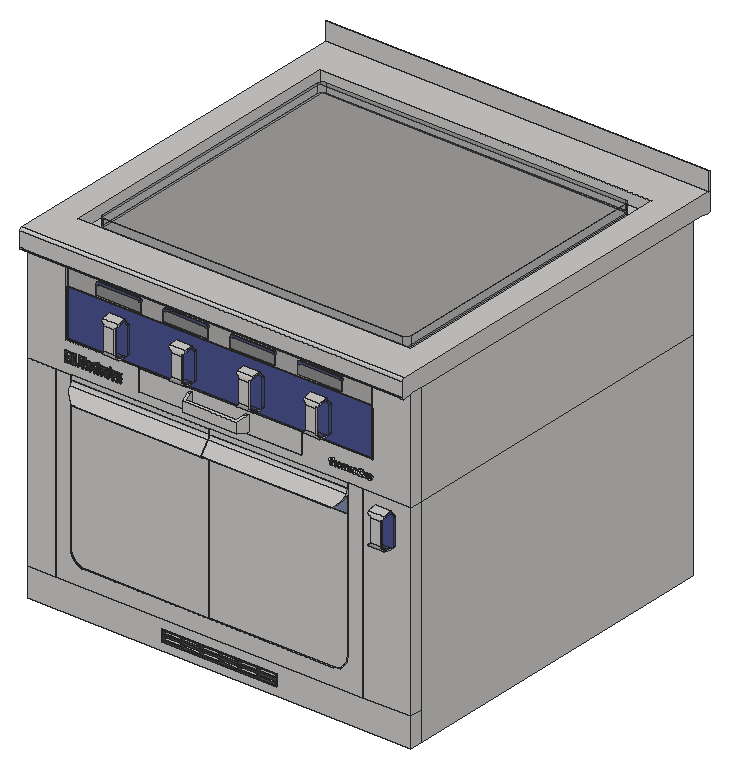
Revit family "QF_ELECTROLUXPROFESSIONAL_588461_MALQEBH4AO", category Attrezzature speciali, Revit 2020
Family settings
  Quota connettore circolare = Usa diametro
  Tipo di parte = Normale
  Basato su piano di lavoro = No
  Sempre verticale = Sì
  Taglio con vuoti quando caricato = No
  Condiviso = No
  Punto di calcolo locali = No
Parameters (values of type "Standard")
  Weight = 143.00 kg
  Watts = 14300 W
  Volts = 400 V
  URL Manufacturer = "https://www.electroluxprofessional.com/"
  URL = "https://www.electroluxprofessional.com/"
  Steam Supply Size = 0"
  Steam Supply Minimum Pressure = 0.00 psi
  Steam Supply Maximum Pressure = 0.00 psi
  Steam Consumption per Hour = 0
  Refrigeration Suction Line Size = 0 mm
  Refrigeration Liquid Line Size = 0 mm
  Refrigerant Compressor Remote = yes
  Prospetto di default = 0 mm
  Phase = 3
  Modello = "MALQEBH4AO"
  Produttore = "Electrolux Professional"
  Length Actual = 800 mm  # constant formula
  Item Number = "588461"
  Hot Water Size = 0"
  Height Actual = 700 mm  # constant formula
  HP = "19.2 HP"
  Gas Size = 0"
  Gas KW = 0
  Gas Input Pressure = 0.0 Btu/h
  Direct Waste Size = 0"
  Descrizione = "EL.SOLID T,ECO,WARM.CAB.1S,BS,800X800X7"
  Depth Actual = 800 mm  # constant formula
  Cycle = 50 Hz
  Condensate Return Size = 0"
  Compressed Air Volume = 0 GPM
  Compressed Air Size = 0"
  Compressed Air Pressure = 0.00 psi
  Cold Water Size = 0"
  Accessory = yes
Reference planes
  plane 1 "BACK": y = 0
  plane 2: z = 0
  plane 3 "LEFT": x = 0
  plane 4 "RIGHT": x = 800
  plane 5 "FRONT": y = -800
  plane 6 "TOP": z = 900
  plane 7 "Center (Left/Right)": x = 400
  plane 8: y = -400
  plane 9: z = 200
  plane 10: y = -150
  plane 11 "Panel": y = -755
  plane 12: z = 798
  plane 13: z = 1327
  plane 14: x = 78
  plane 15: x = 722
  plane 16: y = -150
  plane 17: y = -650
  plane 18 "EIx": x = 755
  plane 19 "EIy": y = -585
  plane 20: x = 380
  plane 21 "BASE_TOP": z = 650
  plane 22: x = 60
  plane 23: x = 700
  plane 24: z = 260
  plane 25: z = 938
Forms (mm)
  Extrusion 1, solid, material "QF_Finishes_Stainless Steel"
    sketch origin (-178.969, -4571, 200) x (-1, 0, 0) y (0, -1, 0)
      loop
        line (-178.969, -4526) -> (-178.969, -3816) -> (-978.969, -3816) -> (-978.969, -4526) -> (-178.969, -4526)
    from 450 to 663
  Extrusion 2, solid, material "QF_Finishes_Stainless Steel"
    sketch origin (0, 0, 0) x (0, 1, 0) y (0, 0, 1)
      loop
        line (-755, 200) -> (-755, 260) -> (-780, 260) -> (-780, 200) -> (-755, 200)
    from 0 to 800
  Extrusion 3, solid, material "QF_Finishes_Stainless Steel"
    sketch origin (-588.969, -4562, 200) x (-1, 0, 0) y (0, -1, 0)
      loop
        circle (-1343.969, -3977) r 6.35
    from 0 to -11.851
  Extrusion 4, solid, material "QF_Finishes_Stainless Steel"
    sketch origin (400, 296.4, 1219.2) x (0, 1, 0) y (0, 0, 1)
      loop
        line (-296.4, -319.2) -> (-1091.4, -319.2)
        arc (-1091.4, -319.2) -> (-1094.935, -320.664) -> (-1096.4, -324.2) r 5
        line (-1096.4, -324.2) -> (-1096.4, -355.2)
        arc (-1096.4, -355.2) -> (-1094.971, -358.264) -> (-1091.705, -359.139) r 4
        line (-1091.705, -359.139) -> (-1076.4, -356.231) -> (-316.4, -356.231) -> (-301.094, -359.139)
        arc (-301.094, -359.139) -> (-297.829, -358.264) -> (-296.4, -355.2) r 4
        line (-296.4, -355.2) -> (-296.4, -319.2)
    from -400 to 400
  Extrusion 5, solid, material "QF_Finishes_Electrolux_Black Smoke Iluminated"
    sketch origin (0, 0, 900) x (-1, 0, 0) y (0, -1, 0)
      loop
        arc (-88, 109) -> (-80.929, 111.929) -> (-78, 119) r 10
        line (-78, 119) -> (-78, 680)
        arc (-78, 680) -> (-80.929, 687.071) -> (-88, 690) r 10
        line (-88, 690) -> (-712, 690)
        arc (-712, 690) -> (-719.071, 687.071) -> (-722, 680) r 10
        line (-722, 680) -> (-722, 119)
        arc (-722, 119) -> (-719.071, 111.929) -> (-712, 109) r 10
        line (-712, 109) -> (-88, 109)
    from 0 to -20
  Extrusion 6, solid, material "QF_Finishes_Stainless Steel"
    sketch origin (-178.969, -4571, 200) x (-1, 0, 0) y (0, -1, 0)
      loop
        line (-178.969, -4526) -> (-178.969, -3816) -> (-978.969, -3816) -> (-978.969, -4526) -> (-178.969, -4526)
    from 450 to 0
  Extrusion 7, void
    sketch origin (0, -755, 0) x (-1, 0, 0) y (0, 0, 1)
      loop
        line (-520, 216.594) -> (-280, 216.594) -> (-280, 241.594) -> (-520, 241.594) -> (-520, 216.594)
    from 0 to -25
  Extrusion 8, solid, material "QF_Finishes_Black"
    sketch origin (0, -755, 0) x (-1, 0, 0) y (0, 0, 1)
      loop
        line (-280, 241.594) -> (-520, 241.594) -> (-520, 216.594) -> (-280, 216.594) -> (-280, 241.594)
      loop
        line (-282, 239.594) -> (-319.131, 239.594) -> (-319.131, 230.094) -> (-282, 230.094) -> (-282, 239.594)
      loop
        line (-282, 218.594) -> (-282, 228.094) -> (-319.131, 228.094) -> (-319.131, 218.594) -> (-282, 218.594)
      loop
        line (-321.131, 239.594) -> (-359.066, 239.594) -> (-359.066, 230.094) -> (-321.131, 230.094) -> (-321.131, 239.594)
      loop
        line (-399, 239.594) -> (-399, 230.094) -> (-361.066, 230.094) -> (-361.066, 239.594) -> (-399, 239.594)
      loop
        line (-401, 239.594) -> (-438.934, 239.594) -> (-438.934, 230.094) -> (-401, 230.094) -> (-401, 239.594)
      loop
        line (-359.066, 218.594) -> (-321.131, 218.594) -> (-321.131, 228.094) -> (-359.066, 228.094) -> (-359.066, 218.594)
      loop
        line (-361.066, 218.594) -> (-361.066, 228.094) -> (-399, 228.094) -> (-399, 218.594) -> (-361.066, 218.594)
      loop
        line (-401, 228.094) -> (-438.934, 228.094) -> (-438.934, 218.594) -> (-401, 218.594) -> (-401, 228.094)
      loop
        line (-518, 239.594) -> (-518, 230.094) -> (-480.869, 230.094) -> (-480.869, 239.594) -> (-518, 239.594)
      loop
        line (-518, 218.594) -> (-480.869, 218.594) -> (-480.869, 228.094) -> (-518, 228.094) -> (-518, 218.594)
      loop
        line (-478.869, 239.594) -> (-478.869, 230.094) -> (-440.934, 230.094) -> (-440.934, 239.594) -> (-478.869, 239.594)
      loop
        line (-440.934, 218.594) -> (-440.934, 228.094) -> (-478.869, 228.094) -> (-478.869, 218.594) -> (-440.934, 218.594)
    from -25.03 to -20
  Extrusion 9, void
    sketch origin (0, 0, 900) x (-1, 0, 0) y (0, -1, 0)
      loop
        line (-53, 715) -> (-747, 715) -> (-747, 84) -> (-53, 84) -> (-53, 715)
    from 0 to -25
  Extrusion 10, solid, material "QF_Finishes_Stainless Steel"
    sketch origin (0, 0, 900) x (-1, 0, 0) y (0, -1, 0)
      loop
        line (-82, 113) -> (-82, 686) -> (-718, 686) -> (-718, 113) -> (-82, 113)
    from -20 to -25
  Extrusion 11, solid, material "QF_Finishes_Stainless Steel"
    sketch origin (0, -755, 0) x (-1, 0, 0) y (0, 0, 1)
      loop
        line (0, 260) -> (0, 650) -> (-60, 650) -> (-60, 260) -> (0, 260)
    from 0 to -25.03
  Extrusion 12, solid, material "QF_Finishes_Stainless Steel"
    sketch origin (0, -755, 0) x (-1, 0, 0) y (0, 0, 1)
      loop
        line (-700, 260) -> (-700, 650) -> (-800, 650) -> (-800, 260) -> (-700, 260)
    from 0 to -25.03
  Extrusion 13, solid, material "QF_Finishes_Stainless Steel"
    sketch origin (70, -755, 0) x (-1, 0, 0) y (0, 0, 1)
      loop
        line (10, 260) -> (10, 650) -> (-20, 650) -> (-20, 325)
        arc (-20, 325) -> (-28.787, 303.787) -> (-50, 295) r 30
        line (-50, 295) -> (-570, 295)
        arc (-570, 295) -> (-591.213, 303.787) -> (-600, 325) r 30
        line (-600, 325) -> (-600, 650) -> (-630, 650) -> (-630, 260) -> (10, 260)
    from 0 to -25.03
  Extrusion 14, solid, material "QF_Finishes_Stainless Steel"
    sketch origin (400, 296.4, 1219.2) x (0, 1, 0) y (0, 0, 1)
      loop
        line (-296.4, -281.2) -> (-298.4, -281.2) -> (-298.4, -319.2) -> (-296.4, -319.2) -> (-296.4, -281.2)
    from -400 to 400
Cuts and joins
  Extrusion 7 cuts Extrusion 6
  Extrusion 7 cuts Extrusion 2
  Extrusion 9 cuts Extrusion 4
Lines and regions (mm)
  symbolic lines
    curve 1: line (0, 0, 200) -> (800, 0, 200)
    curve 2: line (0, -800, 200) -> (0, 0, 200)
    curve 3: line (800, -800, 200) -> (0, -800, 200)
    curve 4: line (800, 0, 200) -> (800, -800, 200)
    curve 5: line (712, -109, 200) -> (88, -109, 200)
    curve 6: line (78, -119, 200) -> (78, -680, 200)
    curve 7: line (88, -690, 200) -> (712, -690, 200)
    curve 8: line (722, -680, 200) -> (722, -119, 200)
    curve 9: arc (88, -109, 200) -> (80.929, -111.929, 200) -> (78, -119, 200) r 10
    curve 10: arc (722, -119, 200) -> (719.071, -111.929, 200) -> (712, -109, 200) r 10
    curve 11: arc (712, -690, 200) -> (719.071, -687.071, 200) -> (722, -680, 200) r 10
    curve 12: arc (78, -680, 200) -> (80.929, -687.071, 200) -> (88, -690, 200) r 10
    curve 13: line (747, -84, 900) -> (53, -84, 900)
    curve 14: line (53, -84, 900) -> (53, -715, 900)
    curve 15: line (747, -715, 900) -> (747, -84, 900)
    curve 16: line (53, -715, 900) -> (747, -715, 900)
    curve 33: line (0, -2, 900) -> (800, -2, 900)
  model lines, style "SpecialityEquipment"
    curve 17: arc (584, -161, 900) -> (530.967, -289.033, 900) -> (659, -236, 900) r 75
    curve 18: line (639, -236, 900) -> (679, -236, 900)
    curve 19: line (679, -236, 900) -> (659, -216, 900)
    curve 20: line (639, -236, 900) -> (659, -216, 900)
    curve 21: arc (216, -161, 900) -> (162.967, -289.033, 900) -> (291, -236, 900) r 75
    curve 22: line (271, -236, 900) -> (311, -236, 900)
    curve 23: line (311, -236, 900) -> (291, -216, 900)
    curve 24: line (271, -236, 900) -> (291, -216, 900)
    curve 25: arc (584, -489, 900) -> (530.967, -617.033, 900) -> (659, -564, 900) r 75
    curve 26: line (639, -564, 900) -> (679, -564, 900)
    curve 27: line (679, -564, 900) -> (659, -544, 900)
    curve 28: line (639, -564, 900) -> (659, -544, 900)
    curve 29: arc (216, -489, 900) -> (162.967, -617.033, 900) -> (291, -564, 900) r 75
    curve 30: line (271, -564, 900) -> (311, -564, 900)
    curve 31: line (311, -564, 900) -> (291, -544, 900)
    curve 32: line (271, -564, 900) -> (291, -544, 900)
Dimensions and locks
  plane 3 "LEFT" to plane 4 "RIGHT" = 800 mm
  plane 5 "FRONT" to plane 1 "BACK" = 800 mm
  equal spacing: plane 3 "LEFT", plane 7 "Center (Left/Right)", plane 4 "RIGHT"
  equal spacing: plane 5 "FRONT", plane 8, plane 1 "BACK"
  plane 9 to level = 200 mm
  plane 1 "BACK" to plane 10 to plane 11 "Panel" = 150 mm, 605 mm  (x2)
  plane 6 "TOP" to plane 9 to level = 700 mm, 200 mm
  plane 6 "TOP" to level = 900 mm
  plane 1 "BACK" to plane 5 "FRONT" = 800 mm
  plane 1 "BACK" to Extrusion 3 = 585 mm
  plane 12 to plane 9 = 598 mm
  plane 13 to plane 6 "TOP" = 427 mm
  plane 6 "TOP" to plane 12 = 102 mm
  plane 14 to plane 3 "LEFT" = 78 mm
  plane 15 to plane 4 "RIGHT" = 78 mm
  locked: plane 1 "BACK" to plane 16 at 150
  locked: plane 16 to plane 17 at 500
  plane 11 "Panel" to plane 5 "FRONT" = 45 mm
  plane 18 "EIx" to plane 4 "RIGHT" = 45 mm
  plane 19 "EIy" to plane 1 "BACK" = 585 mm
  plane 7 "Center (Left/Right)" to plane 20 = 20 mm
  locked: plane 22 to plane 3 "LEFT" at 60
  plane 23 to plane 4 "RIGHT" = 100 mm
  plane 6 "TOP" to plane 21 "BASE_TOP" to plane 9 to level = 250 mm, 450 mm, 200 mm
  plane 1 "BACK" to Extrusion 14 sketch curve = 2 mm
  plane 25 to plane 6 "TOP" = 38 mm
  aligned and locked: level to plane 2
  aligned and locked: Extrusion 2 to plane 4 "RIGHT"
  aligned and locked: Extrusion 12 to plane 4 "RIGHT"
  aligned and locked: Extrusion 12 to plane 23
  aligned and locked: plane 21 "BASE_TOP" to Extrusion 12
  aligned and locked: Extrusion 12 to plane 24
  aligned and locked: Extrusion 11 to plane 3 "LEFT"
  aligned and locked: plane 22 to Extrusion 11
  aligned and locked: Extrusion 11 to plane 24
  aligned and locked: Extrusion 13 sketch curve to plane 22
  aligned and locked: Extrusion 13 sketch curve to plane 23
  aligned and locked: Extrusion 13 sketch curve to plane 21 "BASE_TOP"
  aligned and locked: plane 6 "TOP" to Extrusion 14 sketch curve
  aligned and locked: Extrusion 14 sketch curve to plane 25
  aligned and locked: Extrusion 14 to plane 3 "LEFT"
  aligned and locked: Extrusion 14 to plane 4 "RIGHT"
  aligned and locked: plane 24 to cut or joined group of Extrusion 2, Extrusion 7
Automatic sketch dimensions
  Extrusion 1 sketch curve to plane 4 "RIGHT" = 0 mm
  Extrusion 1 sketch curve to plane 3 "LEFT" = 0 mm
  plane 11 "Panel" to Extrusion 1 sketch curve = 0 mm
  plane 1 "BACK" to Extrusion 1 sketch curve = 45 mm
  Extrusion 2 sketch curve to plane 9 = 0 mm
  Extrusion 2 sketch curve to plane 11 "Panel" = 0 mm
  plane 24 to Extrusion 2 sketch curve = 0 mm
  Extrusion 2 sketch curve to plane 5 "FRONT" = 20 mm
  plane 1 "BACK" to curve 1 = 0 mm
  curve 1 to plane 4 "RIGHT" = 0 mm
  curve 8 to plane 15 = 0 mm
  curve 6 to plane 14 = 0 mm
  curve 2 to plane 3 "LEFT" = 0 mm
  plane 5 "FRONT" to curve 3 = 0 mm
  plane 15 to curve 5 = 10 mm
  curve 11 to curve 11 = 10 mm
  curve 5 to plane 14 = 10 mm
  curve 12 to curve 6 = 10 mm
  plane 10 to curve 5 = 41 mm
  plane 17 to curve 11 = 30 mm
  Extrusion 3 sketch curve to plane 18 "EIx" = 0 mm
  Extrusion 3 sketch curve to plane 19 "EIy" = 0 mm
  Extrusion 4 sketch curve to plane 5 "FRONT" = 0 mm
  Extrusion 4 sketch curve to plane 6 "TOP" = 0 mm
  Extrusion 4 sketch curve to plane 1 "BACK" = 0 mm
  Extrusion 4 sketch curve to plane 5 "FRONT" = 4 mm
  Extrusion 4 sketch curve to Extrusion 4 sketch curve = 0.695 mm
  Extrusion 4 sketch curve to plane 5 "FRONT" = 5 mm
  Extrusion 4 sketch curve to Extrusion 4 sketch curve = 15.305 mm
  plane 1 "BACK" to Extrusion 4 sketch curve = 20 mm
  plane 1 "BACK" to Extrusion 4 sketch curve = 4.695 mm
  Extrusion 4 sketch curve to Extrusion 4 sketch curve = 4 mm
  Extrusion 4 sketch curve to Extrusion 4 sketch curve = 31 mm
  Extrusion 4 sketch curve to plane 6 "TOP" = 36 mm
  Extrusion 4 sketch curve to Extrusion 4 sketch curve = 2.909 mm
  Extrusion 5 sketch curve to plane 15 = 0 mm
  Extrusion 5 sketch curve to plane 14 = 0 mm
  plane 15 to Extrusion 5 sketch curve = 10 mm  (x2)
  Extrusion 5 sketch curve to Extrusion 5 sketch curve = 10 mm  (x2)
  plane 10 to Extrusion 5 sketch curve = 41 mm
  plane 17 to Extrusion 5 sketch curve = 30 mm
  Extrusion 6 sketch curve to plane 4 "RIGHT" = 0 mm
  Extrusion 6 sketch curve to plane 3 "LEFT" = 0 mm
  plane 11 "Panel" to Extrusion 6 sketch curve = 0 mm
  plane 1 "BACK" to Extrusion 6 sketch curve = 45 mm
  plane 9 to Extrusion 7 sketch curve = 41.594 mm
  plane 7 "Center (Left/Right)" to Extrusion 7 sketch curve = 120 mm
  Extrusion 7 sketch curve to plane 20 = 100 mm
  plane 9 to Extrusion 7 sketch curve = 16.594 mm
  plane 9 to Extrusion 8 sketch curve = 41.594 mm
  plane 7 "Center (Left/Right)" to Extrusion 8 sketch curve = 120 mm
  Extrusion 8 sketch curve to Extrusion 8 sketch curve = 2 mm  (x16)
  Extrusion 8 sketch curve to Extrusion 8 sketch curve = 0 mm  (x15)
  Extrusion 8 sketch curve to Extrusion 8 sketch curve = 37.131 mm  (x2)
  Extrusion 8 sketch curve to Extrusion 8 sketch curve = 37.934 mm  (x2)
  plane 7 "Center (Left/Right)" to Extrusion 8 sketch curve = 1 mm  (x2)
  Extrusion 8 sketch curve to plane 7 "Center (Left/Right)" = 1 mm  (x2)
  Extrusion 8 sketch curve to plane 20 = 18.934 mm
  plane 9 to Extrusion 8 sketch curve = 18.594 mm  (x4)
  Extrusion 8 sketch curve to Extrusion 8 sketch curve = 9.5 mm  (x6)
  plane 18 "EIx" to Extrusion 9 sketch curve = 8 mm
  Extrusion 9 sketch curve to plane 22 = 7 mm
  plane 10 to Extrusion 9 sketch curve = 66 mm
  plane 11 "Panel" to Extrusion 9 sketch curve = 40 mm
  plane 15 to Extrusion 10 sketch curve = 4 mm
  Extrusion 10 sketch curve to plane 14 = 4 mm
  plane 10 to Extrusion 10 sketch curve = 37 mm
  plane 17 to Extrusion 10 sketch curve = 36 mm
  plane 18 "EIx" to curve 16 = 8 mm
  curve 19 to plane 23 = 21 mm
  curve 27 to plane 23 = 21 mm
  curve 26 to curve 27 = 20 mm
  curve 18 to curve 20 = 20 mm
  curve 19 to curve 20 = 20 mm
  curve 27 to curve 26 = 20 mm
  curve 18 to curve 17 = 55 mm
  curve 26 to curve 25 = 55 mm
  curve 31 to plane 20 = 69 mm
  curve 23 to plane 20 = 69 mm
  curve 22 to curve 24 = 20 mm
  curve 30 to curve 31 = 20 mm
  curve 31 to curve 32 = 20 mm
  curve 23 to curve 24 = 20 mm
  curve 22 to curve 21 = 55 mm
  curve 30 to curve 29 = 55 mm
  curve 14 to plane 22 = 7 mm
  curve 22 to plane 10 = 86 mm
  curve 18 to plane 10 = 86 mm
  plane 10 to curve 13 = 66 mm
  plane 11 "Panel" to curve 15 = 40 mm
  curve 25 to curve 26 = 20 mm
  curve 17 to curve 18 = 20 mm
  curve 29 to curve 30 = 20 mm
  curve 21 to curve 22 = 20 mm
  Extrusion 11 sketch curve to plane 22 = 0 mm
  Extrusion 11 sketch curve to plane 3 "LEFT" = 0 mm
  Extrusion 11 sketch curve to plane 24 = 0 mm
  Extrusion 11 sketch curve to plane 21 "BASE_TOP" = 0 mm
  plane 4 "RIGHT" to Extrusion 12 sketch curve = 0 mm
  Extrusion 12 sketch curve to plane 21 "BASE_TOP" = 0 mm
  Extrusion 12 sketch curve to plane 23 = 0 mm
  Extrusion 12 sketch curve to plane 24 = 0 mm
  Extrusion 13 sketch curve to plane 21 "BASE_TOP" = 0 mm
  Extrusion 13 sketch curve to plane 24 = 0 mm
  Extrusion 13 sketch curve to plane 23 = 30 mm
  Extrusion 13 sketch curve to Extrusion 13 sketch curve = 30 mm
  Extrusion 13 sketch curve to plane 14 = 42 mm
  Extrusion 13 sketch curve to plane 14 = 12 mm
  plane 24 to Extrusion 13 sketch curve = 35 mm
  Extrusion 14 sketch curve to plane 1 "BACK" = 0 mm
  plane 19 "EIy" to curve 31 = 21 mm
  plane 19 "EIy" to curve 27 = 41 mm
  radius of Extrusion 3 sketch curve = 6.35 mm
Nested families
  nested 1: "FIT Range Control Handle" at (745, -783.167, -372.751), type "FIT Range Control Handle"
  nested 2: "Front_Panel_W800_Four Knobs" at (202.376, -755, 0), type "Front_Panel_W800_Four Knobs"
  nested 3: "H450H2_2DOOR" at (343.958, -755, 200) x (1, 0, 0) z (0, -1, 0), type "H450H2_2DOOR"
    with Width 580 mm, Wdoor 290 mm, Show Clearance yes
  nested 4: "Warm" at (800, -800, 900), type "Warm"
Connectors
  electrical at (755, -585, 188.149)
    settings: on Extrusion 3, index 1, voltage 400 V, apparent load 33000 VA, apparent load phase1 0 VA, apparent load phase2 0 VA, apparent load phase3 0 VA, power factor 1, load classification "Other", number of poles 1, system type 30, power factor state 1, is connector primary yes, connector utility no, sub classification motor no, connector description "ELECTRICAL CONNECTION"
Definition of nested family "FIT Range Control Handle"
  Parameters
    Default Elevation = 0 mm
  Reference planes
    plane 1 "Center (Front/Back)": y = 0
    plane 2: z = 0
    plane 3 "Center (Left/Right)": x = 0
    plane 4: z = 971.092
    plane 5: y = -16.8
  Forms (mm)
    Extrusion 1, solid
      sketch origin (-746.28, 380.497, 208.931) x (-1, 0, 0) y (0, 0, 1)
        loop
          line (-770.101, 786.798) -> (-770.101, 731.649)
          arc (-770.101, 731.649) -> (-769.759, 730.563) -> (-768.855, 729.87) r 1.893
          line (-768.855, 729.87) -> (-763.474, 727.911) -> (-729.81, 727.911) -> (-724.428, 729.87)
          arc (-724.428, 729.87) -> (-723.525, 730.563) -> (-723.183, 731.649) r 1.893
          line (-723.183, 731.649) -> (-723.183, 786.798)
          arc (-723.183, 786.798) -> (-723.529, 787.894) -> (-724.44, 788.593) r 1.91
          line (-724.44, 788.593) -> (-729.683, 790.819) -> (-763.601, 790.819) -> (-768.844, 788.593)
          arc (-768.844, 788.593) -> (-769.755, 787.894) -> (-770.101, 786.798) r 1.91
      from -382.35 to -378.852
    Sweep 2, solid
      path origin (-746.788, 380.496, 208.091) x (0, -1, 0) y (0, 0, 1)
        loop
          line (379.775, 793.281) -> (395.661, 791.048)
          arc (395.661, 791.048) -> (397.781, 787.377) -> (398.517, 783.202) r 12.207
          line (398.517, 783.202) -> (398.517, 737.368)
          arc (398.517, 737.368) -> (397.781, 733.193) -> (395.661, 729.522) r 12.207
          line (395.661, 729.522) -> (379.775, 727.289)
      profile origin (-746.788, -7.222, 1000.256) x (0, -0.139173, 0.990268) y (-1, 0, 0)
        loop
          line (0.782, -763.123) -> (0.782, -730.907) -> (-1.322, -730.907) -> (-1.322, -763.123) -> (0.782, -763.123)
    Sweep 3, solid
      path origin (-746.788, 380.715, 207.832) x (0, -1, 0) y (0, 0, 1)
        loop
          line (380.478, 795.442) -> (397.218, 793.09)
          arc (397.218, 793.09) -> (399.929, 788.473) -> (400.871, 783.202) r 15.207
          line (400.871, 783.202) -> (400.871, 737.584)
          arc (400.871, 737.584) -> (399.914, 732.274) -> (397.164, 727.633) r 15.207
          line (397.164, 727.633) -> (380.601, 725.305)
      profile origin (-746.788, -8.132, 1002.099) x (0, -0.139173, 0.990268) y (-1, 0, 0)
        loop
          line (0.782, -763.123) -> (0.782, -730.907) -> (-1.322, -730.907) -> (-1.322, -763.123) -> (0.782, -763.123)
    Extrusion 4, void
      sketch origin (889.253, 220.666, 207.993) x (1, 0, 0) y (0, 0, 1)
        loop
          line (-943.038, 816.854) -> (-943.038, 703.686) -> (-899.466, 734.196) -> (-899.466, 786.344) -> (-943.038, 816.854)
      from 230.636 to 242.25
    Extrusion 5, void
      sketch origin (-888.8, 220.666, 207.993) x (-1, 0, 0) y (0, 0, -1)
        loop
          line (-943.038, -816.854) -> (-899.466, -786.344) -> (-899.466, -734.196) -> (-943.038, -703.686) -> (-943.038, -816.854)
      from 230.636 to 242.25
    Extrusion 6, solid
      sketch origin (0, 0, 0) x (1, 0, 0) y (0, 0, 1)
        loop
          circle (0, 971.092) r 7.736
      from -3.137 to -1.645
  Cuts and joins
    Extrusion 4, Extrusion 5 cuts Sweep 3
    Extrusion 4, Extrusion 5 cuts Sweep 2
    joined: Extrusion 1, Extrusion 6
  Lines and regions (mm)
    symbolic lines
      curve 1: line (-15.881, -19.189, 0) -> (-15.881, -16.8, 0)
      curve 2: line (16.334, -19.189, 0) -> (16.334, -16.8, 0)
      curve 3: spline (-15.881, -19.189, 0) -> (-15.417, -19.349, 0) -> (-14.951, -19.501, 0) -> (-14.483, -19.646, 0) -> (-14.014, -19.783, 0) -> (-13.543, -19.912, 0) -> (-13.071, -20.033, 0) -> (-12.597, -20.146, 0) -> (-12.122, -20.251, 0) -> (-11.646, -20.349, 0) -> (-11.169, -20.438, 0) -> (-10.691, -20.52, 0) -> (-10.213, -20.593, 0)
      curve 4: spline (10.666, -20.593, 0) -> (11.144, -20.52, 0) -> (11.622, -20.438, 0) -> (12.099, -20.349, 0) -> (12.575, -20.251, 0) -> (13.05, -20.146, 0) -> (13.524, -20.033, 0) -> (13.996, -19.912, 0) -> (14.467, -19.783, 0) -> (14.936, -19.646, 0) -> (15.404, -19.501, 0) -> (15.87, -19.349, 0) -> (16.334, -19.189, 0)
      curve 5: line (-10.213, -20.938, 0) -> (10.716, -20.938, 0)
  Dimensions and locks
    cut or joined group of Sweep 3, Extrusion 4, Extrusion 5 to cut or joined group of Sweep 3, Extrusion 4, Extrusion 5 = 71.686 mm
Definition of nested family "Front_Panel_W800_Four Knobs"
  Parameters
    Default Elevation = 0 mm
  Reference planes
    plane 1 "Center (Front/Back)": y = 0
    plane 2: z = 0
    plane 3 "Center (Left/Right)": x = 197.624
    plane 4 "Left": x = -202.376
    plane 5 "Right": x = 597.624
    plane 6: y = -45
    plane 7: x = -12.376
    plane 8: x = 127.624
    plane 9: y = -310
    plane 10: y = -25
    plane 11: x = 517.624
    plane 12: x = -122.376
  Forms (mm)
    Extrusion 1, solid
      sketch origin (833.217, 829.203, -1.25) x (0, 1, 0) y (0, 0, 1)
        loop
          line (-854.203, 651.25) -> (-829.203, 651.25) -> (-829.203, 864.25) -> (-854.203, 864.25) -> (-854.203, 651.25)
      from -1035.593 to -235.593
    Extrusion 2, void
      sketch origin (0, 0, 0) x (1, 0, 0) y (0, 0, 1)
        loop
          line (-122.376, 853.866) -> (-122.376, 711.866) -> (517.624, 711.866) -> (517.624, 853.866) -> (-122.376, 853.866)
      from 19.387 to 33.951
    Extrusion 3, void
      sketch origin (0, 0, 0) x (1, 0, 0) y (0, 0, 1)
        loop
          line (30.124, 711.866) -> (30.124, 666.866) -> (370.124, 666.866) -> (370.124, 711.866) -> (30.124, 711.866)
      from 19.387 to 25
    Extrusion 4, solid
      sketch origin (0, 0, 0) x (1, 0, 0) y (0, 0, 1)
        loop
          line (31.124, 710.866) -> (31.124, 667.866) -> (369.124, 667.866) -> (369.124, 710.866) -> (31.124, 710.866)
      from 19.387 to 25
    Extrusion 5, solid
      sketch origin (0, 0, 0) x (1, 0, 0) y (0, 1, 0)
        loop
          line (141.059, -25) -> (135.966, -25) -> (140.646, -49.075) -> (254.603, -49.075) -> (259.283, -25) -> (254.189, -25) -> (250.481, -44.075) -> (144.767, -44.075) -> (141.059, -25)
      from 672.593 to 705.67
    Extrusion 6, void
      sketch origin (197.624, 0, 0) x (0, 1, 0) y (0, 0, 1)
        loop
          line (-30, 705.67) -> (-30, 710.67) -> (-56.744, 710.67) -> (-56.744, 667.593) -> (-30, 667.593) -> (-30, 672.593) -> (-53.776, 680.318) -> (-53.776, 697.945) -> (-30, 705.67)
      from -70 to 70
    Extrusion 7, solid, detail levels coarse
      sketch origin (0, -265, 0) x (1, 0, 0) y (0, 1, 0)
        loop
          line (140.646, -69.075) -> (254.603, -69.075) -> (259.283, -45) -> (364.124, -45) -> (364.124, 240) -> (31.124, 240) -> (31.124, -45) -> (135.966, -45) -> (140.646, -69.075)
      from 672.593 to 705.67
    Extrusion 8, void
      sketch origin (197.624, -280, 0) x (0, 1, 0) y (0, 0, 1)
        loop
          line (-30, 705.67) -> (-30, 710.67) -> (-56.744, 710.67) -> (-56.744, 667.593) -> (-30, 667.593) -> (-30, 672.593) -> (-53.776, 680.318) -> (-53.776, 697.945) -> (-30, 705.67)
      from -70 to 70
  Cuts and joins
    Extrusion 2, Extrusion 3 cuts Extrusion 1
    Extrusion 6, Extrusion 8 cuts Extrusion 5
    Extrusion 8 cuts Extrusion 7
  Lines and regions (mm)
    symbolic lines
      curve 1: line (31.124, -45, 0) -> (31.124, -310, 0)
      curve 2: line (31.124, -310, 0) -> (364.124, -310, 0)
      curve 3: line (135.966, -310, 0) -> (140.646, -334.075, 0)
      curve 4: line (140.646, -334.075, 0) -> (254.603, -334.075, 0)
      curve 5: line (254.603, -334.075, 0) -> (259.283, -310, 0)
      curve 6: line (364.124, -310, 0) -> (364.124, -45, 0)
      curve 7: line (31.124, -300, 0) -> (364.124, -300, 0)
      curve 8: line (140.874, -309.046, 0) -> (144.767, -329.075, 0)
      curve 9: line (144.767, -329.075, 0) -> (250.481, -329.075, 0)
      curve 10: line (250.481, -329.075, 0) -> (254.375, -309.046, 0)
  Dimensions and locks
    equal spacing: plane 5 "Right", plane 3 "Center (Left/Right)", plane 4 "Left"
    plane 5 "Right" to plane 4 "Left" = 800 mm
    plane 3 "Center (Left/Right)" to plane 7 = 210 mm
    plane 3 "Center (Left/Right)" to plane 8 = 70 mm
    plane 6 to plane 9 = 265 mm
    aligned and locked: cut or joined group of Extrusion 1, Extrusion 2, Extrusion 3 to plane 4 "Left"
    aligned and locked: plane 5 "Right" to cut or joined group of Extrusion 1, Extrusion 2, Extrusion 3
    aligned and locked: plane 3 "Center (Left/Right)" to nested 2
    aligned and locked: cut or joined group of Extrusion 1, Extrusion 2, Extrusion 3 to nested 2
  Automatic sketch dimensions
    plane 7 to Extrusion 3 sketch curve = 42.5 mm
    plane 3 "Center (Left/Right)" to Extrusion 3 sketch curve = 172.5 mm
    level to Extrusion 3 sketch curve = 666.866 mm
    Extrusion 3 sketch curve to Extrusion 3 sketch curve = 45 mm
    plane 7 to Extrusion 4 sketch curve = 43.5 mm
    plane 3 "Center (Left/Right)" to Extrusion 4 sketch curve = 171.5 mm
    level to Extrusion 4 sketch curve = 667.866 mm
    Extrusion 4 sketch curve to Extrusion 4 sketch curve = 43 mm
    plane 8 to Extrusion 5 sketch curve = 8.342 mm
    plane 6 to Extrusion 5 sketch curve = 4.075 mm
    plane 8 to Extrusion 5 sketch curve = 13.021 mm
    Extrusion 5 sketch curve to Extrusion 5 sketch curve = 5.094 mm  (x2)
    Extrusion 5 sketch curve to plane 6 = 0.925 mm
    Extrusion 5 sketch curve to Extrusion 5 sketch curve = 4.122 mm  (x2)
    plane 3 "Center (Left/Right)" to Extrusion 5 sketch curve = 52.857 mm
    Extrusion 5 sketch curve to plane 6 = 20 mm  (x2)
    Extrusion 5 sketch curve to Extrusion 5 sketch curve = 3.708 mm
    plane 6 to Extrusion 6 sketch curve = 11.744 mm
    plane 6 to Extrusion 6 sketch curve = 8.776 mm
    Extrusion 6 sketch curve to plane 6 = 15 mm  (x2)
    level to Extrusion 6 sketch curve = 667.593 mm
    Extrusion 6 sketch curve to Extrusion 6 sketch curve = 5 mm
    Extrusion 6 sketch curve to Extrusion 6 sketch curve = 12.725 mm  (x2)
    Extrusion 6 sketch curve to Extrusion 6 sketch curve = 17.627 mm
    Extrusion 6 sketch curve to Extrusion 6 sketch curve = 7.725 mm
    Extrusion 8 sketch curve to plane 9 = 26.744 mm
    Extrusion 8 sketch curve to plane 9 = 23.776 mm
    plane 9 to Extrusion 8 sketch curve = 0 mm  (x2)
    level to Extrusion 8 sketch curve = 667.593 mm
    Extrusion 8 sketch curve to Extrusion 8 sketch curve = 5 mm
    Extrusion 8 sketch curve to Extrusion 8 sketch curve = 12.725 mm  (x2)
    Extrusion 8 sketch curve to Extrusion 8 sketch curve = 17.627 mm
    Extrusion 8 sketch curve to Extrusion 8 sketch curve = 7.725 mm
    plane 9 to Extrusion 7 sketch curve = 0 mm  (x2)
    plane 7 to Extrusion 7 sketch curve = 43.5 mm
    plane 8 to Extrusion 7 sketch curve = 8.342 mm
    Extrusion 7 sketch curve to plane 9 = 24.075 mm
    plane 8 to Extrusion 7 sketch curve = 13.021 mm
    Extrusion 7 sketch curve to Extrusion 7 sketch curve = 104.842 mm
    Extrusion 7 sketch curve to plane 6 = 20 mm
    plane 3 "Center (Left/Right)" to Extrusion 7 sketch curve = 56.979 mm
    Extrusion 7 sketch curve to Extrusion 7 sketch curve = 4.68 mm
    Extrusion 1 sketch curve to plane 1 "Center (Front/Back)" = 0 mm
    level to Extrusion 1 sketch curve = 650 mm
    plane 4 "Left" to Extrusion 2 sketch curve = 80 mm
    Extrusion 2 sketch curve to plane 5 "Right" = 80 mm
    level to Extrusion 2 sketch curve = 711.866 mm
    Extrusion 2 sketch curve to Extrusion 2 sketch curve = 142 mm
    plane 6 to curve 1 = 0 mm
    plane 6 to curve 6 = 0 mm
    plane 9 to curve 1 = 0 mm
    plane 7 to curve 1 = 43.5 mm
    curve 4 to plane 9 = 24.075 mm
    plane 8 to curve 4 = 13.021 mm
    curve 3 to curve 8 = 4.122 mm
    plane 3 "Center (Left/Right)" to curve 4 = 56.979 mm
    curve 4 to curve 2 = 109.521 mm
    plane 8 to curve 3 = 8.342 mm
    curve 3 to curve 8 = 4.908 mm
    curve 9 to curve 4 = 4.122 mm
    curve 10 to plane 9 = 19.075 mm
    curve 9 to curve 5 = 8.801 mm
    plane 9 to curve 10 = 0.954 mm
    curve 10 to curve 5 = 4.908 mm
    curve 3 to curve 8 = 0.954 mm
    curve 1 to curve 7 = 10 mm
    Extrusion 1 sketch curve to plane 6 = 20 mm
    Extrusion 1 sketch curve to Extrusion 1 sketch curve = 213 mm
  Nested families
    nested 1: "Range Control Handle" at (-12.376, -28.137, -209.113) x (-1, 0, 0) z (0, 0, 1), type "Range Control Handle"
    nested 2: "Front glass control panel W800" at (197.624, 280.644, 2.752), type "Front glass control panel W800"
    nested 3: "Range Control Handle" at (127.624, -28.137, -209.113) x (-1, 0, 0) z (0, 0, 1), type "Range Control Handle"
    nested 4: "Range Control Handle" at (407.624, -28.137, -209.113), type "Range Control Handle"
    nested 5: "Range Control Handle" at (267.624, -28.137, -209.113), type "Range Control Handle"
    nested 6: "ELX_ThermaLine_Small" at (468.838, -25, 679.426) x (1, 0, 0) z (0, -1, 0), type "ELX_ThermaLine_Small"
      with Show Logo yes, Material_Logo none
    nested 7: "ELX_Professional_Logo_Small" at (-62.89, -25, 681.659) x (1, 0, 0) z (0, -1, 0), type "ELX_Professional_Logo_Small"
      with Show Logo yes, Material_Logo none
  Definition of nested family "Range Control Handle"
    Parameters
      Default Elevation = 0 mm
    Reference planes
      plane 1 "Center (Front/Back)": y = 0
      plane 2: z = 0
      plane 3 "Center (Left/Right)": x = 0
      plane 4: z = 971.092
      plane 5: y = -16.9
    Forms (mm)
      Extrusion 1, solid
        sketch origin (-746.28, 380.497, 208.931) x (-1, 0, 0) y (0, 0, 1)
          loop
            line (-770.101, 786.798) -> (-770.101, 731.649)
            arc (-770.101, 731.649) -> (-769.759, 730.563) -> (-768.855, 729.87) r 1.893
            line (-768.855, 729.87) -> (-763.474, 727.911) -> (-729.81, 727.911) -> (-724.428, 729.87)
            arc (-724.428, 729.87) -> (-723.525, 730.563) -> (-723.183, 731.649) r 1.893
            line (-723.183, 731.649) -> (-723.183, 786.798)
            arc (-723.183, 786.798) -> (-723.529, 787.894) -> (-724.44, 788.593) r 1.91
            line (-724.44, 788.593) -> (-729.683, 790.819) -> (-763.601, 790.819) -> (-768.844, 788.593)
            arc (-768.844, 788.593) -> (-769.755, 787.894) -> (-770.101, 786.798) r 1.91
        from -382.35 to -378.852
      Sweep 2, solid
        path origin (-746.788, 380.496, 208.091) x (0, -1, 0) y (0, 0, 1)
          loop
            line (379.775, 793.281) -> (395.661, 791.048)
            arc (395.661, 791.048) -> (397.781, 787.377) -> (398.517, 783.202) r 12.207
            line (398.517, 783.202) -> (398.517, 737.368)
            arc (398.517, 737.368) -> (397.781, 733.193) -> (395.661, 729.522) r 12.207
            line (395.661, 729.522) -> (379.775, 727.289)
        profile origin (-746.788, -7.222, 1000.256) x (0, -0.139173, 0.990268) y (-1, 0, 0)
          loop
            line (0.782, -763.123) -> (0.782, -730.907) -> (-1.322, -730.907) -> (-1.322, -763.123) -> (0.782, -763.123)
      Sweep 3, solid
        path origin (-746.788, 380.715, 207.832) x (0, -1, 0) y (0, 0, 1)
          loop
            line (380.478, 795.442) -> (397.218, 793.09)
            arc (397.218, 793.09) -> (399.929, 788.473) -> (400.871, 783.202) r 15.207
            line (400.871, 783.202) -> (400.871, 737.584)
            arc (400.871, 737.584) -> (399.914, 732.274) -> (397.164, 727.633) r 15.207
            line (397.164, 727.633) -> (380.601, 725.305)
        profile origin (-746.788, -8.132, 1002.099) x (0, -0.139173, 0.990268) y (-1, 0, 0)
          loop
            line (0.782, -763.123) -> (0.782, -730.907) -> (-1.322, -730.907) -> (-1.322, -763.123) -> (0.782, -763.123)
      Extrusion 4, void
        sketch origin (889.253, 220.666, 207.993) x (1, 0, 0) y (0, 0, 1)
          loop
            line (-943.038, 816.854) -> (-943.038, 703.686) -> (-899.466, 734.196) -> (-899.466, 786.344) -> (-943.038, 816.854)
        from 230.636 to 242.25
      Extrusion 5, void
        sketch origin (-888.8, 220.666, 207.993) x (-1, 0, 0) y (0, 0, -1)
          loop
            line (-943.038, -816.854) -> (-899.466, -786.344) -> (-899.466, -734.196) -> (-943.038, -703.686) -> (-943.038, -816.854)
        from 230.636 to 242.25
      Extrusion 6, solid
        sketch origin (0, 0, 0) x (1, 0, 0) y (0, 0, 1)
          loop
            circle (0, 971.092) r 7.736
        from -3.137 to -1.645
    Cuts and joins
      Extrusion 4, Extrusion 5 cuts Sweep 3
      Extrusion 4, Extrusion 5 cuts Sweep 2
      joined: Extrusion 1, Extrusion 6
    Lines and regions (mm)
      symbolic lines
        curve 1: line (16.334, -16.9, 0) -> (16.334, -19.227, 0)
        curve 2: spline (16.334, -19.227, 0) -> (15.87, -19.385, 0) -> (15.404, -19.536, 0) -> (14.936, -19.678, 0) -> (14.466, -19.813, 0) -> (13.995, -19.94, 0) -> (13.523, -20.059, 0) -> (13.049, -20.171, 0) -> (12.575, -20.274, 0) -> (12.099, -20.37, 0) -> (11.622, -20.458, 0) -> (11.144, -20.537, 0) -> (10.666, -20.609, 0)
        curve 3: line (10.666, -16.9, 0) -> (10.666, -20.938, 0)
        curve 4: line (-10.213, -20.938, 0) -> (10.666, -20.938, 0)
        curve 5: line (-10.213, -20.938, 0) -> (-10.213, -16.9, 0)
        curve 6: spline (-10.213, -20.609, 0) -> (-10.691, -20.537, 0) -> (-11.169, -20.458, 0) -> (-11.646, -20.37, 0) -> (-12.122, -20.274, 0) -> (-12.597, -20.171, 0) -> (-13.07, -20.059, 0) -> (-13.542, -19.94, 0) -> (-14.013, -19.813, 0) -> (-14.483, -19.678, 0) -> (-14.951, -19.536, 0) -> (-15.417, -19.385, 0) -> (-15.881, -19.227, 0)
        curve 7: line (-15.881, -19.227, 0) -> (-15.881, -16.9, 0)
  Definition of nested family "Front glass control panel W800"
    Parameters
      Default Elevation = 0 mm
    Reference planes
      plane 1 "Center (Front/Back)": y = 0
      plane 2: z = 0
      plane 3 "Center (Left/Right)": x = 0
    Forms (mm)
      Extrusion 1, solid
        sketch origin (378.286, 0, 0.617) x (1, 0, 0) y (0, 0, 1)
          loop
            line (-698.286, 806.791) -> (-698.286, 708.497) -> (-58.286, 708.497) -> (-58.286, 806.791) -> (-698.286, 806.791)
        from 300.031 to 304.8
      Extrusion 2, solid
        sketch origin (378.286, 0, 0.617) x (1, 0, 0) y (0, 0, 1)
          loop
            line (-698.286, 850.497) -> (-698.286, 806.791) -> (-58.286, 806.791) -> (-58.286, 850.497) -> (-698.286, 850.497)
        from 300.031 to 304.8
      Extrusion 3, void
        sketch origin (378.286, 0, 0.617) x (1, 0, 0) y (0, 0, 1)
          loop
            line (-695.628, 847.565) -> (-695.628, 710.699) -> (-61.196, 710.699) -> (-61.196, 847.565) -> (-695.628, 847.565)
        from 303.697 to 304.8
      Extrusion 4, solid
        sketch origin (-378.333, 1.101, -0.633) x (-1, 0, 0) y (0, 0, -1)
          loop
            line (-261.431, -812.62) -> (-355.186, -812.62) -> (-355.186, -834.177) -> (-350.269, -834.177) -> (-348.469, -835.977) -> (-268.039, -835.977) -> (-266.24, -834.177) -> (-261.431, -834.177) -> (-261.431, -812.62)
        from 304.798 to 306.745
      Extrusion 5, solid
        sketch origin (-378.333, 1.101, -0.633) x (-1, 0, 0) y (0, 0, -1)
          loop
            line (-350.269, -834.177) -> (-355.078, -834.177)
            arc (-355.078, -834.177) -> (-353.942, -838.747) -> (-349.686, -840.763) r 5.5
            line (-349.686, -840.763) -> (-266.98, -840.763)
            arc (-266.98, -840.763) -> (-262.706, -838.752) -> (-261.529, -834.177) r 5.549
            line (-261.529, -834.177) -> (-266.24, -834.177) -> (-268.039, -835.977) -> (-348.469, -835.977) -> (-350.269, -834.177)
        from 304.798 to 306.745
      Extrusion 6, solid
        sketch origin (-518.333, 1.101, -0.633) x (-1, 0, 0) y (0, 0, -1)
          loop
            line (-261.431, -812.62) -> (-355.186, -812.62) -> (-355.186, -834.177) -> (-350.269, -834.177) -> (-348.469, -835.977) -> (-268.039, -835.977) -> (-266.24, -834.177) -> (-261.431, -834.177) -> (-261.431, -812.62)
        from 304.798 to 306.745
      Extrusion 7, solid
        sketch origin (-518.333, 1.101, -0.633) x (-1, 0, 0) y (0, 0, -1)
          loop
            line (-350.269, -834.177) -> (-355.078, -834.177)
            arc (-355.078, -834.177) -> (-353.942, -838.747) -> (-349.686, -840.763) r 5.5
            line (-349.686, -840.763) -> (-266.98, -840.763)
            arc (-266.98, -840.763) -> (-262.706, -838.752) -> (-261.529, -834.177) r 5.549
            line (-261.529, -834.177) -> (-266.24, -834.177) -> (-268.039, -835.977) -> (-348.469, -835.977) -> (-350.269, -834.177)
        from 304.798 to 306.745
      Extrusion 8, solid
        sketch origin (378.333, 1.101, -0.633) x (1, 0, 0) y (0, 0, 1)
          loop
            line (-261.431, 812.62) -> (-261.431, 834.177) -> (-266.24, 834.177) -> (-268.039, 835.977) -> (-348.469, 835.977) -> (-350.269, 834.177) -> (-355.186, 834.177) -> (-355.186, 812.62) -> (-261.431, 812.62)
        from 304.798 to 306.745
      Extrusion 9, solid
        sketch origin (378.333, 1.101, -0.633) x (1, 0, 0) y (0, 0, 1)
          loop
            line (-350.269, 834.177) -> (-348.469, 835.977) -> (-268.039, 835.977) -> (-266.24, 834.177) -> (-261.529, 834.177)
            arc (-261.529, 834.177) -> (-262.706, 838.752) -> (-266.98, 840.763) r 5.549
            line (-266.98, 840.763) -> (-349.686, 840.763)
            arc (-349.686, 840.763) -> (-353.942, 838.747) -> (-355.078, 834.177) r 5.5
            line (-355.078, 834.177) -> (-350.269, 834.177)
        from 304.798 to 306.745
      Extrusion 10, solid
        sketch origin (518.333, 1.101, -0.633) x (1, 0, 0) y (0, 0, 1)
          loop
            line (-261.431, 812.62) -> (-261.431, 834.177) -> (-266.24, 834.177) -> (-268.039, 835.977) -> (-348.469, 835.977) -> (-350.269, 834.177) -> (-355.186, 834.177) -> (-355.186, 812.62) -> (-261.431, 812.62)
        from 304.798 to 306.745
      Extrusion 11, solid
        sketch origin (518.333, 1.101, -0.633) x (1, 0, 0) y (0, 0, 1)
          loop
            line (-350.269, 834.177) -> (-348.469, 835.977) -> (-268.039, 835.977) -> (-266.24, 834.177) -> (-261.529, 834.177)
            arc (-261.529, 834.177) -> (-262.706, 838.752) -> (-266.98, 840.763) r 5.549
            line (-266.98, 840.763) -> (-349.686, 840.763)
            arc (-349.686, 840.763) -> (-353.942, 838.747) -> (-355.078, 834.177) r 5.5
            line (-355.078, 834.177) -> (-350.269, 834.177)
        from 304.798 to 306.745
    Cuts and joins
      Extrusion 3 cuts Extrusion 1
      Extrusion 3 cuts Extrusion 2
    Dimensions and locks
      aligned and locked: Extrusion 1 to Extrusion 2
      aligned and locked: Extrusion 5 sketch curve to Extrusion 4  (x5)
      aligned and locked: Extrusion 5 to Extrusion 4
      aligned and locked: Extrusion 7 sketch curve to Extrusion 6  (x5)
      aligned and locked: Extrusion 7 to Extrusion 6
      aligned and locked: Extrusion 9 sketch curve to Extrusion 8  (x4)
      aligned and locked: Extrusion 8 to Extrusion 9 sketch curve
      aligned and locked: Extrusion 9 to Extrusion 8
      aligned and locked: Extrusion 11 sketch curve to Extrusion 10  (x4)
      aligned and locked: Extrusion 10 to Extrusion 11 sketch curve
      aligned and locked: Extrusion 11 to Extrusion 10
  Definition of nested family "ELX_ThermaLine_Small"
    Parameters
      Show Logo [instance] = yes
      Material_Logo [instance] = none
      Default Elevation = 0 mm
    Reference planes
      plane 1 "Centro (Fronte/Retro)": y = 0
      plane 2: z = 0
      plane 3 "Centro (Sinistra/Destra)": x = 0
    Forms (mm)
      Extrusion 1, solid
        sketch origin (0, 0, 0) x (1, 0, 0) y (0, 1, 0)
          loop
            line (-1219.2, 1219.2) -> (-1219.2, -1219.2) -> (1219.2, -1219.2) -> (1219.2, 1219.2) -> (-1219.2, 1219.2)
        from 0 to -304.8
      Extrusion 2, solid
        sketch origin (0, 0, 0) x (1, 0, 0) y (0, 1, 0)
          loop
            line (-37.494, 1.229) -> (-35.908, 1.229) -> (-35.908, 3.066) -> (-37.494, 3.066) -> (-37.494, 6.221) -> (-39.867, 4.881) -> (-39.867, 3.066) -> (-40.969, 3.066) -> (-40.969, 1.229) -> (-39.867, 1.229) -> (-39.867, -3.407)
            arc (-39.867, -3.407) -> (-38.982, -5.513) -> (-36.751, -6.001) r 2.478
            line (-36.751, -6.001) -> (-35.638, -5.7) -> (-35.9, -3.835) -> (-36.661, -4.039)
            arc (-36.661, -4.039) -> (-37.236, -3.924) -> (-37.494, -3.399) r 0.662
            line (-37.494, -3.399) -> (-37.494, 1.229)
          loop
            line (-34.242, 6.539) -> (-34.242, -5.848) -> (-31.854, -5.848) -> (-31.854, -0.078)
            arc (-31.854, -0.078) -> (-30.939, 1.249) -> (-29.33, 1.367) r 1.866
            arc (-29.33, 1.367) -> (-28.695, 0.768) -> (-28.461, -0.073) r 1.627
            line (-28.461, -0.073) -> (-28.461, -5.848) -> (-26.086, -5.848) -> (-26.064, -0.46)
            arc (-26.064, -0.46) -> (-26.261, 0.932) -> (-26.786, 2.237) r 5.825
            arc (-26.786, 2.237) -> (-29.381, 3.264) -> (-31.854, 1.971) r 3.353
            line (-31.854, 1.971) -> (-31.854, 6.539) -> (-34.242, 6.539)
          loop
            arc (-18.398, -0.598) -> (-18.893, 0.879) -> (-20.326, 1.487) r 1.897
            arc (-20.326, 1.487) -> (-21.461, 0.708) -> (-21.897, -0.598) r 2.164
            line (-21.897, -0.598) -> (-18.398, -0.598)
          loop
            arc (-16.021, -2.044) -> (-16.754, 1.227) -> (-19.444, 3.226) r 4.814
            arc (-19.444, 3.226) -> (-22.137, 2.788) -> (-23.943, 0.743) r 4.054
            arc (-23.943, 0.743) -> (-24.382, -1.249) -> (-24.162, -3.276) r 6.289
            arc (-24.162, -3.276) -> (-23.302, -4.71) -> (-21.958, -5.705) r 4.28
            arc (-21.958, -5.705) -> (-18.558, -5.814) -> (-16.152, -3.409) r 4.28
            line (-16.152, -3.409) -> (-18.5, -2.995)
            arc (-18.5, -2.995) -> (-19.273, -3.994) -> (-20.533, -4.076) r 1.536
            arc (-20.533, -4.076) -> (-21.56, -3.281) -> (-21.958, -2.044) r 2.197
            line (-21.958, -2.044) -> (-16.021, -2.044)
          loop
            line (-14.165, -5.848) -> (-11.819, -5.848) -> (-11.819, -2.138)
            arc (-11.819, -2.138) -> (-11.787, -1.156) -> (-11.637, -0.185) r 8.18
            arc (-11.637, -0.185) -> (-10.644, 0.972) -> (-9.132, 0.776) r 1.603
            line (-9.132, 0.776) -> (-8.419, 2.846)
            arc (-8.419, 2.846) -> (-10.432, 3.118) -> (-11.994, 1.821) r 2.527
            line (-11.994, 1.821) -> (-11.994, 3.094) -> (-14.165, 3.094) -> (-14.165, -5.848)
          loop
            line (-7.579, 3.094) -> (-7.579, -5.848) -> (-5.178, -5.848) -> (-5.178, -0.756)
            arc (-5.178, -0.756) -> (-4.727, 0.679) -> (-3.417, 1.419) r 2.05
            arc (-3.417, 1.419) -> (-2.499, 0.908) -> (-2.155, -0.085) r 1.471
            line (-2.155, -0.085) -> (-2.155, -5.848) -> (0.23, -5.848) -> (0.23, -1.001)
            arc (0.23, -1.001) -> (0.47, 0.127) -> (1.148, 1.061) r 2.775
            arc (1.148, 1.061) -> (2.225, 1.329) -> (3.05, 0.587) r 1.182
            arc (3.05, 0.587) -> (3.199, -0.019) -> (3.214, -0.642) r 2.894
            line (3.214, -0.642) -> (3.214, -5.848) -> (5.601, -5.848) -> (5.601, 0.261)
            arc (5.601, 0.261) -> (4.87, 2.263) -> (2.976, 3.241) r 2.932
            arc (2.976, 3.241) -> (1.284, 2.973) -> (-0.047, 1.896) r 3.309
            arc (-0.047, 1.896) -> (-1.116, 2.865) -> (-2.506, 3.258) r 3.16
            arc (-2.506, 3.258) -> (-4.105, 2.942) -> (-5.376, 1.92) r 3.419
            line (-5.376, 1.92) -> (-5.376, 3.094) -> (-7.579, 3.094)
          loop
            line (7.583, 0.738) -> (9.702, 0.364)
            arc (9.702, 0.364) -> (11.441, 1.492) -> (12.855, -0.023) r 1.613
            line (12.855, -0.023) -> (9.782, -0.789)
            arc (9.782, -0.789) -> (8.559, -1.346) -> (7.617, -2.305) r 3.687
            arc (7.617, -2.305) -> (7.499, -3.681) -> (7.901, -5.003) r 3.651
            arc (7.901, -5.003) -> (9.107, -5.766) -> (10.515, -6.006) r 3.635
            arc (10.515, -6.006) -> (11.898, -5.697) -> (13.067, -4.895) r 3.734
            line (13.067, -4.895) -> (13.376, -5.848) -> (15.75, -5.848) -> (15.212, -4.193) -> (15.212, 0.38)
            arc (15.212, 0.38) -> (14.897, 1.849) -> (13.818, 2.895) r 2.585
            arc (13.818, 2.895) -> (11.792, 3.442) -> (9.719, 3.11) r 5.005
            arc (9.719, 3.11) -> (8.369, 2.178) -> (7.583, 0.738) r 3.54
          loop
            line (19.723, -5.848) -> (22.233, -5.848) -> (24.854, 6.484) -> (22.345, 6.484) -> (19.723, -5.848)
          loop
            line (24.583, -5.848) -> (26.953, -5.848) -> (28.848, 3.066) -> (26.478, 3.066) -> (24.583, -5.848)
          loop
            line (27.204, 6.484) -> (26.741, 4.305) -> (29.111, 4.305) -> (29.575, 6.484) -> (27.204, 6.484)
          loop
            line (29.355, -5.848) -> (31.849, -5.848) -> (33.098, 0.028)
            arc (33.098, 0.028) -> (34.169, 1.306) -> (35.832, 1.422) r 2.132
            arc (35.832, 1.422) -> (36.324, 0.752) -> (36.383, -0.078) r 1.5
            line (36.383, -0.078) -> (35.157, -5.848) -> (37.536, -5.848) -> (38.936, 0.738)
            arc (38.936, 0.738) -> (38.775, 2.091) -> (37.825, 3.066) r 2.118
            arc (37.825, 3.066) -> (35.392, 3.175) -> (33.295, 1.937) r 4.271
            line (33.295, 1.937) -> (33.535, 3.066) -> (31.25, 3.066) -> (29.355, -5.848)
          loop
            line (42.792, -0.64) -> (46.589, -0.64)
            arc (46.589, -0.64) -> (46.639, 0.124) -> (46.327, 0.823) r 1.589
            arc (46.327, 0.823) -> (45.117, 1.521) -> (43.762, 1.183) r 1.865
            arc (43.762, 1.183) -> (43.141, 0.344) -> (42.792, -0.64) r 3.538
          loop
            line (42.565, -2.138) -> (48.593, -2.138)
            arc (48.593, -2.138) -> (48.58, 0.597) -> (46.983, 2.818) r 4.494
            arc (46.983, 2.818) -> (44.191, 3.28) -> (41.725, 1.891) r 4.26
            arc (41.725, 1.891) -> (40.503, -0.3) -> (40.284, -2.799) r 6.003
            arc (40.284, -2.799) -> (40.959, -4.468) -> (42.377, -5.576) r 3.482
            arc (42.377, -5.576) -> (44.265, -5.961) -> (46.152, -5.576) r 4.823
            arc (46.152, -5.576) -> (47.432, -4.731) -> (48.328, -3.485) r 4.245
            line (48.328, -3.485) -> (46.168, -3.105)
            arc (46.168, -3.105) -> (45.214, -4.072) -> (43.859, -4.181) r 1.953
            arc (43.859, -4.181) -> (42.821, -3.408) -> (42.565, -2.138) r 1.81
          loop
            line (12.868, -1.553) -> (10.216, -2.214)
            arc (10.216, -2.214) -> (9.747, -3.136) -> (10.216, -4.058) r 1.14
            arc (10.216, -4.058) -> (11.537, -4.249) -> (12.614, -3.46) r 1.763
            arc (12.614, -3.46) -> (12.858, -2.522) -> (12.868, -1.553) r 3.97
        from 0 to 1.6
    Dimensions and locks
      aligned and locked: plane 2 to Extrusion 1
      aligned and locked: level to Extrusion 1
  Definition of nested family "ELX_Professional_Logo_Small"
    Parameters
      Show Logo [instance] = yes
      Material_Logo [instance] = none
      Default Elevation = 0 mm
    Reference planes
      plane 1 "Centro (Fronte/Retro)": y = 0
      plane 2: z = 0
      plane 3 "Centro (Sinistra/Destra)": x = 0
    Forms (mm)
      Extrusion 1, solid
        sketch origin (0, 0, 0) x (1, 0, 0) y (0, 1, 0)
          loop
            line (-1219.2, 1219.2) -> (-1219.2, -1219.2) -> (1219.2, -1219.2) -> (1219.2, 1219.2) -> (-1219.2, 1219.2)
        from 0 to -304.8
      Extrusion 2, solid, material <- "Material_Logo"
        sketch origin (15.5, 0, 0) x (1, 0, 0) y (0, 1, 0)
          loop
            spline (-42.99, -1.24) -> (-43.195, -1.231) -> (-43.415, -1.203) -> (-43.642, -1.152) -> (-43.87, -1.074) -> (-44.095, -0.966) -> (-44.309, -0.825) -> (-44.506, -0.647) -> (-44.681, -0.429) -> (-44.828, -0.167) -> (-44.94, 0.142) -> (-45.011, 0.501) -> (-45.037, 0.915)
            line (-45.037, 0.915) -> (-45.037, 2.748) -> (-38.984, 2.748) -> (-38.984, 5.086) -> (-45.038, 5.086) -> (-45.038, 8.489) -> (-38.599, 8.489) -> (-38.599, 10.82) -> (-47.515, 10.82) -> (-47.515, 1.021)
            spline (-47.515, 1.021) -> (-47.493, 0.418) -> (-47.425, -0.15) -> (-47.311, -0.682) -> (-47.15, -1.175) -> (-46.939, -1.628) -> (-46.678, -2.038) -> (-46.365, -2.404) -> (-46, -2.723) -> (-45.58, -2.995) -> (-45.105, -3.216) -> (-44.573, -3.385) -> (-43.983, -3.499)
            line (-43.983, -3.499) -> (-43.01, -3.569) -> (-38.426, -3.569) -> (-38.426, -1.24) -> (-42.99, -1.24)
          loop
            line (-36.666, 4.021) -> (-36.666, -3.573) -> (-34.188, -3.573) -> (-34.188, 10.824) -> (-36.666, 10.824) -> (-36.666, 4.021)
          loop
            spline (-21.915, 1.897) -> (-21.957, 2.615) -> (-22.082, 3.303) -> (-22.285, 3.955) -> (-22.563, 4.564) -> (-22.913, 5.124) -> (-23.331, 5.629) -> (-23.814, 6.074) -> (-24.359, 6.451) -> (-24.961, 6.755) -> (-25.618, 6.98) -> (-26.326, 7.119) -> (-27.081, 7.167)
            spline (-27.081, 7.167) -> (-27.853, 7.122) -> (-28.586, 6.99) -> (-29.275, 6.774) -> (-29.915, 6.478) -> (-30.5, 6.104) -> (-31.024, 5.657) -> (-31.483, 5.138) -> (-31.871, 4.553) -> (-32.182, 3.904) -> (-32.411, 3.194) -> (-32.552, 2.427) -> (-32.6, 1.606)
            spline (-32.6, 1.606) -> (-32.553, 0.805) -> (-32.416, 0.057) -> (-32.193, -0.637) -> (-31.887, -1.271) -> (-31.504, -1.843) -> (-31.048, -2.35) -> (-30.523, -2.788) -> (-29.934, -3.154) -> (-29.284, -3.444) -> (-28.579, -3.656) -> (-27.822, -3.785) -> (-27.019, -3.829)
            spline (-27.019, -3.829) -> (-26.627, -3.82) -> (-26.239, -3.79) -> (-25.856, -3.739) -> (-25.477, -3.663) -> (-25.103, -3.562) -> (-24.734, -3.432) -> (-24.369, -3.273) -> (-24.01, -3.082) -> (-23.655, -2.858) -> (-23.305, -2.597) -> (-22.96, -2.299) -> (-22.621, -1.962)
            line (-22.621, -1.962) -> (-24.114, -0.509)
            spline (-24.114, -0.509) -> (-24.311, -0.699) -> (-24.509, -0.872) -> (-24.71, -1.03) -> (-24.915, -1.172) -> (-25.126, -1.297) -> (-25.346, -1.407) -> (-25.576, -1.5) -> (-25.817, -1.576) -> (-26.072, -1.636) -> (-26.342, -1.678) -> (-26.629, -1.704) -> (-26.936, -1.713)
            spline (-26.936, -1.713) -> (-27.384, -1.691) -> (-27.805, -1.625) -> (-28.196, -1.518) -> (-28.556, -1.372) -> (-28.882, -1.187) -> (-29.174, -0.966) -> (-29.429, -0.71) -> (-29.645, -0.422) -> (-29.821, -0.102) -> (-29.955, 0.247) -> (-30.045, 0.623) -> (-30.089, 1.026)
            line (-30.089, 1.026) -> (-21.956, 1.026) -> (-21.915, 1.897)
          loop
            spline (-24.446, 2.769) -> (-24.47, 3.075) -> (-24.54, 3.37) -> (-24.654, 3.65) -> (-24.807, 3.913) -> (-24.996, 4.156) -> (-25.219, 4.376) -> (-25.472, 4.57) -> (-25.753, 4.736) -> (-26.057, 4.869) -> (-26.382, 4.968) -> (-26.724, 5.03) -> (-27.081, 5.051)
            spline (-27.081, 5.051) -> (-27.464, 5.03) -> (-27.832, 4.97) -> (-28.183, 4.872) -> (-28.513, 4.74) -> (-28.819, 4.577) -> (-29.099, 4.384) -> (-29.347, 4.165) -> (-29.563, 3.923) -> (-29.742, 3.659) -> (-29.881, 3.377) -> (-29.977, 3.079) -> (-30.027, 2.769)
            line (-30.027, 2.769) -> (-24.446, 2.769)
          loop
            spline (-18.167, 1.669) -> (-18.138, 2.13) -> (-18.055, 2.567) -> (-17.921, 2.978) -> (-17.739, 3.358) -> (-17.512, 3.705) -> (-17.243, 4.016) -> (-16.937, 4.287) -> (-16.596, 4.517) -> (-16.223, 4.7) -> (-15.823, 4.835) -> (-15.398, 4.919) -> (-14.951, 4.947)
            spline (-14.951, 4.947) -> (-14.677, 4.938) -> (-14.414, 4.913) -> (-14.162, 4.871) -> (-13.921, 4.812) -> (-13.69, 4.738) -> (-13.467, 4.649) -> (-13.254, 4.544) -> (-13.048, 4.424) -> (-12.85, 4.291) -> (-12.659, 4.143) -> (-12.474, 3.981) -> (-12.295, 3.806)
            line (-12.295, 3.806) -> (-10.76, 5.403)
            spline (-10.76, 5.403) -> (-11.065, 5.709) -> (-11.38, 5.984) -> (-11.703, 6.228) -> (-12.035, 6.443) -> (-12.375, 6.63) -> (-12.723, 6.788) -> (-13.078, 6.92) -> (-13.44, 7.026) -> (-13.809, 7.107) -> (-14.184, 7.164) -> (-14.564, 7.198) -> (-14.951, 7.209)
            spline (-14.951, 7.209) -> (-15.725, 7.161) -> (-16.467, 7.02) -> (-17.169, 6.792) -> (-17.826, 6.482) -> (-18.43, 6.096) -> (-18.976, 5.637) -> (-19.455, 5.112) -> (-19.862, 4.525) -> (-20.19, 3.882) -> (-20.433, 3.189) -> (-20.584, 2.449) -> (-20.635, 1.669)
            spline (-20.635, 1.669) -> (-20.584, 0.889) -> (-20.433, 0.149) -> (-20.19, -0.545) -> (-19.862, -1.187) -> (-19.455, -1.774) -> (-18.976, -2.299) -> (-18.43, -2.758) -> (-17.826, -3.145) -> (-17.169, -3.454) -> (-16.467, -3.682) -> (-15.725, -3.823) -> (-14.951, -3.871)
            spline (-14.951, -3.871) -> (-14.564, -3.86) -> (-14.184, -3.826) -> (-13.809, -3.77) -> (-13.44, -3.689) -> (-13.078, -3.583) -> (-12.723, -3.451) -> (-12.375, -3.292) -> (-12.035, -3.105) -> (-11.703, -2.89) -> (-11.38, -2.646) -> (-11.065, -2.371) -> (-10.76, -2.066)
            line (-10.76, -2.066) -> (-12.295, -0.468)
            spline (-12.295, -0.468) -> (-12.474, -0.643) -> (-12.659, -0.805) -> (-12.85, -0.953) -> (-13.048, -1.087) -> (-13.254, -1.206) -> (-13.467, -1.311) -> (-13.69, -1.4) -> (-13.921, -1.475) -> (-14.162, -1.533) -> (-14.414, -1.575) -> (-14.677, -1.6) -> (-14.951, -1.609)
            spline (-14.951, -1.609) -> (-15.398, -1.581) -> (-15.823, -1.497) -> (-16.223, -1.362) -> (-16.596, -1.179) -> (-16.937, -0.95) -> (-17.243, -0.678) -> (-17.512, -0.367) -> (-17.739, -0.02) -> (-17.921, 0.36) -> (-18.055, 0.771) -> (-18.138, 1.208) -> (-18.167, 1.669)
